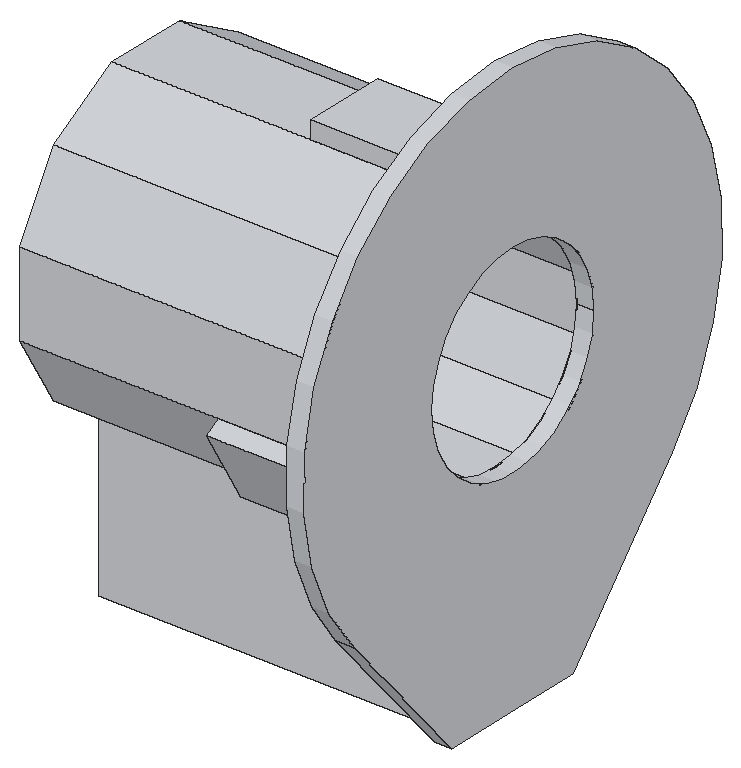
Revit family "GAS32-Version1", category Pipe Accessories, Revit 2016
Family settings
  Part Type = Breaks Into
  Round Connector Dimension = Use Diameter
  Work Plane-Based = No
  Always vertical = No
  Cut with Voids When Loaded = No
  Shared = No
Parameters
  URL = "http://www.snapcollars.com"
  Model = "GAS 32"
  Manufacturer = "Snap Fire Systems"
  Description = "The Snap Gas-32 is a metal, externally mounted collar, and is designed for both wall and floor applications."
Reference planes
  plane 1 "Center (Front/Back)": y = 0
  plane 2: z = 0
  plane 3 "Center (Left/Right)": x = -108.257
  plane 4: x = -199.129
  plane 5: x = -166.7
  plane 6: x = -167.608
Forms (mm)
  Extrusion 1, solid, material "PVC-White", not visible, detail levels fine
    sketch origin (0, 0, 0) x (1, 0, 0) y (0, 0, 1)
      loop
        line (-80, 60.418) -> (-227.967, 86.048) -> (-227.967, 69.12) -> (-80, 60.418)
    from -1.5 to 1.5
  Extrusion 2, solid, material "PVC-White", not visible, detail levels fine
    sketch origin (0, 0, 0) x (1, 0, 0) y (0, -0.5, 0.866025)
      loop
        line (-80, 60.418) -> (-227.967, 86.048) -> (-227.967, 69.12) -> (-80, 60.418)
    from -1.5 to 1.5
  Extrusion 3, solid, material "PVC-White", not visible, detail levels fine
    sketch origin (0, 0, 0) x (1, 0, 0) y (0, -0.866025, 0.5)
      loop
        line (-80, 60.418) -> (-227.967, 86.048) -> (-227.967, 69.12) -> (-80, 60.418)
    from -1.5 to 1.5
  Extrusion 4, solid, material "PVC-White", not visible, detail levels fine
    sketch origin (0, 0, 0) x (0, -1, 0) y (-1, 0, 0)
      loop
        line (60.418, 80) -> (86.048, 227.967) -> (69.12, 227.967) -> (60.418, 80)
    from -1.5 to 1.5
  Extrusion 5, solid, material "PVC-White", not visible, detail levels fine
    sketch origin (0, 0, 0) x (1, 0, 0) y (0, -0.866025, -0.5)
      loop
        line (-80, 60.418) -> (-227.967, 86.048) -> (-227.967, 69.12) -> (-80, 60.418)
    from -1.5 to 1.5
  Extrusion 6, solid, material "PVC-White", not visible, detail levels fine
    sketch origin (0, 0, 0) x (1, 0, 0) y (0, -0.5, -0.866025)
      loop
        line (-80, 60.418) -> (-227.967, 86.048) -> (-227.967, 69.12) -> (-80, 60.418)
    from -1.5 to 1.5
  Extrusion 7, solid, material "PVC-White", not visible, detail levels fine
    sketch origin (0, 0, 0) x (1, 0, 0) y (0, 0, -1)
      loop
        line (-80, 60.418) -> (-227.967, 86.048) -> (-227.967, 69.12) -> (-80, 60.418)
    from -1.5 to 1.5
  Extrusion 8, solid, material "PVC-White", not visible, detail levels fine
    sketch origin (0, 0, 0) x (1, 0, 0) y (0, 0.5, -0.866025)
      loop
        line (-80, 60.418) -> (-227.967, 86.048) -> (-227.967, 69.12) -> (-80, 60.418)
    from -1.5 to 1.5
  Extrusion 9, solid, material "PVC-White", not visible, detail levels fine
    sketch origin (0, 0, 0) x (1, 0, 0) y (0, 0.866025, -0.5)
      loop
        line (-80, 60.418) -> (-227.967, 86.048) -> (-227.967, 69.12) -> (-80, 60.418)
    from -1.5 to 1.5
  Extrusion 10, solid, material "PVC-White", not visible, detail levels fine
    sketch origin (0, 0, 0) x (1, 0, 0) y (0, 1, 0)
      loop
        line (-80, 60.418) -> (-227.967, 86.048) -> (-227.967, 69.12) -> (-80, 60.418)
    from -1.5 to 1.5
  Extrusion 11, solid, material "PVC-White", not visible, detail levels fine
    sketch origin (0, 0, 0) x (1, 0, 0) y (0, 0.866025, 0.5)
      loop
        line (-80, 60.418) -> (-227.967, 86.048) -> (-227.967, 69.12) -> (-80, 60.418)
    from -1.5 to 1.5
  Extrusion 12, solid, material "PVC-White", not visible, detail levels fine
    sketch origin (0, 0, 0) x (1, 0, 0) y (0, 0.5, 0.866025)
      loop
        line (-80, 60.418) -> (-227.967, 86.048) -> (-227.967, 69.12) -> (-80, 60.418)
    from -1.5 to 1.5
  Extrusion 13, solid
    sketch origin (-199.129, 2000, 1200) x (0, 1, 0) y (0, 0, 1)
      loop
        line (-1990, -1225.403) -> (-1980.235, -1219.765) -> (-1973, -1207.235) -> (-1973, -1192.765) -> (-1980.235, -1180.235) -> (-1992.765, -1173) -> (-2007.235, -1173) -> (-2019.765, -1180.235) -> (-2027, -1192.765) -> (-2027, -1207.235) -> (-2019.765, -1219.765) -> (-2010, -1225.403) -> (-2010, -1254) -> (-1990, -1254) -> (-1990, -1225.403)
      loop
        line (-2004.689, -1182.5) -> (-2012.811, -1187.189) -> (-2017.5, -1195.311) -> (-2017.5, -1204.689) -> (-2012.811, -1212.811) -> (-2004.689, -1217.5) -> (-1995.311, -1217.5) -> (-1987.189, -1212.811) -> (-1982.5, -1204.689) -> (-1982.5, -1195.311) -> (-1987.189, -1187.189) -> (-1995.311, -1182.5) -> (-2004.689, -1182.5)
    from 0 to 60
  Extrusion 14, solid
    sketch origin (-230, 7.235, 27) x (0, -1, 0) y (1, 0, 0)
      loop
        line (14.456, 91) -> (0, 91) -> (0, 65) -> (14.456, 65) -> (14.456, 91)
    from 0 to 3
  Extrusion 15, solid, not visible
    sketch origin (-230, 23.225, 34.758) x (0, -0.92388, 0.382683) y (1, 0, 0)
      loop
        line (16.311, 91) -> (0, 91) -> (0, 65) -> (16.311, 65) -> (16.311, 91)
    from 0 to 3
  Extrusion 16, solid, not visible
    sketch origin (-230, 24.373, 37.53) x (0, -0.92388, 0.382683) y (1, 0, 0)
      loop
        line (16.311, 91) -> (0, 91) -> (0, 88) -> (16.311, 88) -> (16.311, 91)
    from 0 to 21
  Extrusion 17, solid, not visible
    sketch origin (-230, 6.466, 20.731) x (0, -1, 0) y (1, 0, 0)
      loop
        line (14.456, 91) -> (0, 91) -> (0, 65) -> (14.456, 65) -> (14.456, 91)
    from 0 to 3
  Extrusion 18, solid
    sketch origin (-139.129, 2000, 1200) x (0, 1, 0) y (0, 0, 1)
      loop
        line (-2000, -1254) -> (-1987, -1254) -> (-1965.822, -1229.272)
        arc (-1965.822, -1229.272) -> (-2000, -1155) -> (-2034.178, -1229.272) r 45
        line (-2034.178, -1229.272) -> (-2013, -1254) -> (-2000, -1254)
      loop
        circle (-2000, -1200) r 17.5
    from 0 to 3
  Extrusion 19, solid
    sketch origin (-230, -27, -7.235) x (0, 0.5, -0.866025) y (1, 0, 0)
      loop
        line (14.456, 91) -> (0, 91) -> (0, 65) -> (14.456, 65) -> (14.456, 91)
    from 0 to 3
  Extrusion 20, solid
    sketch origin (-230, 19.765, -19.765) x (0, 0.5, 0.866025) y (1, 0, 0)
      loop
        line (14.456, 91) -> (0, 91) -> (0, 65) -> (14.456, 65) -> (14.456, 91)
    from 0 to 3
  Extrusion 21, solid, not visible
    sketch origin (-230, -27.769, -13.504) x (0, 0.5, -0.866025) y (1, 0, 0)
      loop
        line (14.456, 91) -> (0, 91) -> (0, 65) -> (14.456, 65) -> (14.456, 91)
    from 0 to 3
  Extrusion 22, solid, not visible
    sketch origin (-230, 18.996, -26.035) x (0, 0.5, 0.866025) y (1, 0, 0)
      loop
        line (14.456, 91) -> (0, 91) -> (0, 65) -> (14.456, 65) -> (14.456, 91)
    from 0 to 3
Dimensions and locks
  locked: plane 4 to plane 3 "Center (Left/Right)" at 90.871
  Extrusion 1 sketch curve to Extrusion 1 sketch curve = 0 mm
  Extrusion 2 sketch curve to Extrusion 2 sketch curve = 0 mm
  Extrusion 3 sketch curve to Extrusion 3 sketch curve = 0 mm
  Extrusion 4 sketch curve to Extrusion 4 sketch curve = 0 mm
  Extrusion 5 sketch curve to Extrusion 5 sketch curve = 0 mm
  Extrusion 6 sketch curve to Extrusion 6 sketch curve = 0 mm
  Extrusion 7 sketch curve to Extrusion 7 sketch curve = 0 mm
  Extrusion 8 sketch curve to Extrusion 8 sketch curve = 0 mm
  Extrusion 9 sketch curve to Extrusion 9 sketch curve = 0 mm
  Extrusion 10 sketch curve to Extrusion 10 sketch curve = 0 mm
  Extrusion 11 sketch curve to Extrusion 11 sketch curve = 0 mm
  Extrusion 12 sketch curve to Extrusion 12 sketch curve = 0 mm
  aligned and locked: level to plane 2
Connectors
  piping at (-167.608, 0, 0), diameter 32
    settings: on plane 6, index 4, connector inside diameter 609.6 mm, connector length 0 mm, flow factor 0, pipe flow 0.0 L/s, pressure drop 0.0 Pa, fitting loss kfactor 0, connector angle 0.00°, fixture units 0, engagement length 0 mm, angle of deflection 0.00°, flow configuration 0, flow direction 0, fitting loss method 0, system type 7, joint type 0, gender type 0, connector reference index -1, connector utility 0, adjustable connector no, is connector primary yes, connector description ""
  piping at (-166.7, 0, 0), diameter 32
    settings: on plane 5, index 5, connector inside diameter 609.6 mm, connector length 0 mm, flow factor 0, pipe flow 0.0 L/s, pressure drop 0.0 Pa, fitting loss kfactor 0, connector angle 0.00°, fixture units 0, engagement length 0 mm, angle of deflection 0.00°, flow configuration 0, flow direction 0, fitting loss method 0, system type 7, joint type 0, gender type 0, connector reference index -1, connector utility 0, adjustable connector no, is connector primary no, connector description ""
